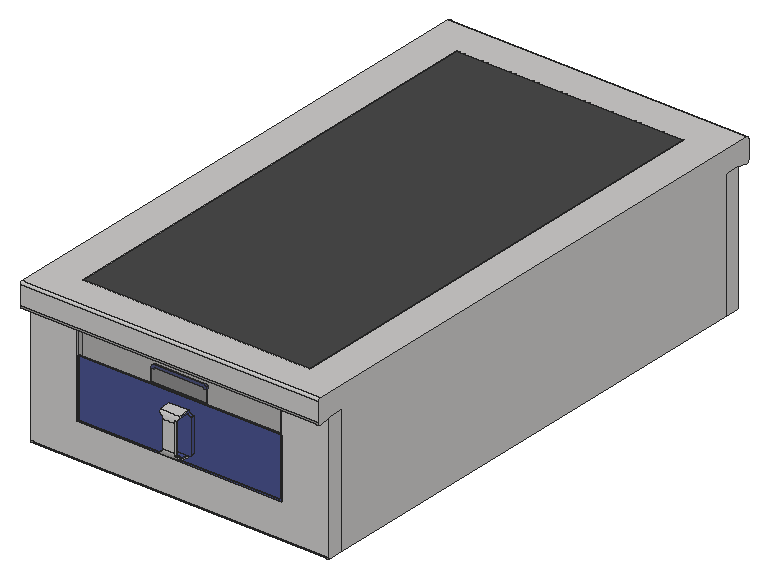
Revit family "QF_ELECTROLUXPROFESSIONAL_589017_MCCBACEOAO", category Specialty Equipment, Revit 2018
Family settings
  Round Connector Dimension = Use Diameter
  Part Type = Normal
  Work Plane-Based = No
  Always vertical = Yes
  Cut with Voids When Loaded = No
  Shared = No
  Room Calculation Point = No
Parameters
  Weight in Pounds = 55.1
  Watts = 8000 VA  # 8000 W
  Volts = 400 V  # constant formula
  URL Cutsheet = ""
  Type Mark [instance] = ""
  Status [instance] = ""
  Specification by User [instance] = ""
  Specification by Manufacturer = ""
  Serial Number = ""
  Seismic Rating = ""
  SMACNA No = ""
  Revision Code [instance] = ""
  Phase = 3  # constant formula
  Omniclass Number and Title = ""
  Number of Poles [instance] = 1
  NAFEM Spec ID Number = ""
  Model = "589017"
  Min Ckt Ampacity = 0 A
  Max Overcurrent Protection = 0 A
  Masterspec = ""
  Manufacturer = "ELECTROLUX"
  Item Number [instance] = ""
  Installed By [instance] = ""
  Identify Quantity as Lot [instance] = yes
  HP = "10.7 HP"
  Furnished By [instance] = ""
  Foodservice Equipment Identifier [instance] = yes
  FL Amps [instance] = if(Phase = 3, Watts / (Volts * 1.73), Watts / Volts)  # 11.5607 A
  Electrical Remarks = "400 V/3N ph/50/60 Hz"  # constant formula
  Electric Connection Type [instance] = ""
  Elec Conn RI Height [instance] = 0 mm
  Elec Conn Connection Height [instance] = 0 mm
  Direct Waste Size = 0"
  Description = "INFRARED TOP,2 ZONES,2-SIDE,500X900X250H"
  Cycle [instance] = if([60 Hertz Option], 60 Hz, 50 Hz)  # 60 Hz
  Conn Plug = ""
  Conn Conduit = yes
  CSI MasterFormat = ""
  CSI Master Format = ""
  Apparent Power [instance] = if(Phase = 3, Volts * FL Amps * 1.73, Volts * FL Amps)  # 8000 VA
  60 Hertz Option [instance] = not([50 Hertz Option])  # yes
  500 Pass Though Panel = yes
  50 Hertz Option [instance] = no
Reference planes
  plane 1 "BACK": y = 0
  plane 2: z = 0
  plane 3 "LEFT": x = 0
  plane 4 "RIGHT": x = 500
  plane 5 "FRONT": y = -900
  plane 6 "TOP": z = 250
  plane 7: x = 250
  plane 8: y = -450
  plane 9: x = 455
Forms (mm)
  Extrusion 1, solid, material "QF_Finishes_Stainless Steel"
    sketch origin (0, -487.128, 0) x (0, 1, 0) y (0, 0, 1)
      loop
        line (483.128, 250) -> (-408.872, 250)
        arc (-408.872, 250) -> (-411.7, 248.828) -> (-412.872, 246) r 4
        line (-412.872, 246) -> (-412.872, 214)
        arc (-412.872, 214) -> (-411.443, 210.936) -> (-408.177, 210.061) r 4
        line (-408.177, 210.061) -> (-391.509, 213) -> (-366.872, 213) -> (-366.872, 0) -> (441.128, 0) -> (441.128, 213) -> (465.765, 213) -> (482.433, 210.061)
        arc (482.433, 210.061) -> (485.699, 210.936) -> (487.128, 214) r 4
        line (487.128, 214) -> (487.128, 246)
        arc (487.128, 246) -> (485.956, 248.828) -> (483.128, 250) r 4
    from 0 to 500
  Extrusion 2, void
    sketch origin (653.786, 44.048, 250) x (1, 0, 0) y (0, -1, 0)
      loop
        line (-593.786, 104.048) -> (-213.786, 104.048) -> (-213.786, 887.779) -> (-593.786, 887.779) -> (-593.786, 104.048)
    from 0 to 37
  Extrusion 3, solid, material "QF_Finishes_Stainless Steel"
    sketch origin (0, -854, 0) x (1, 0, 0) y (0, -1, 0)
      loop
        circle (455, -169) r 6.35
    from 0 to 3.2
  Extrusion 4, solid, material "QF_Finishes_Black"
    sketch origin (653.786, 44.048, 213) x (1, 0, 0) y (0, 1, 0)
      loop
        line (-593.786, -887.779) -> (-213.786, -887.779) -> (-213.786, -104.048) -> (-593.786, -104.048) -> (-593.786, -887.779)
    from 0 to 37
Cuts and joins
  Extrusion 2 cuts Extrusion 1
Lines and regions (mm)
  symbolic lines
    curve 1: line (0, 0, 0) -> (500, 0, 0)
    curve 2: line (0, -900, 0) -> (0, 0, 0)
    curve 3: line (500, -900, 0) -> (0, -900, 0)
    curve 4: line (500, 0, 0) -> (500, -900, 0)
    curve 5: line (440, -843.73, 0) -> (440, -60, 0)
    curve 6: line (440, -60, 0) -> (60, -60, 0)
    curve 7: line (60, -60, 0) -> (60, -843.73, 0)
    curve 8: line (60, -843.73, 0) -> (440, -843.73, 0)
    curve 9: line (233.892, -902.326, 0) -> (233.892, -900, 0)
    curve 10: spline (239.561, -903.73, 0) -> (239.082, -903.657, 0) -> (238.604, -903.575, 0) -> (238.127, -903.486, 0) -> (237.651, -903.389, 0) -> (237.177, -903.283, 0) -> (236.703, -903.17, 0) -> (236.231, -903.049, 0) -> (235.76, -902.92, 0) -> (235.29, -902.783, 0) -> (234.823, -902.638, 0) -> (234.357, -902.486, 0) -> (233.892, -902.326, 0)
    curve 11: line (266.108, -902.326, 0) -> (266.108, -900, 0)
    curve 12: spline (266.108, -902.326, 0) -> (265.643, -902.486, 0) -> (265.177, -902.638, 0) -> (264.71, -902.783, 0) -> (264.24, -902.92, 0) -> (263.769, -903.049, 0) -> (263.297, -903.17, 0) -> (262.823, -903.283, 0) -> (262.349, -903.389, 0) -> (261.873, -903.486, 0) -> (261.396, -903.575, 0) -> (260.918, -903.657, 0) -> (260.439, -903.73, 0)
    curve 13: line (239.561, -903.73, 0) -> (260.439, -903.73, 0)
    curve 14: line (233.892, 2.326, 0) -> (233.892, 0, 0)
    curve 15: spline (239.561, 3.73, 0) -> (239.082, 3.657, 0) -> (238.604, 3.575, 0) -> (238.127, 3.486, 0) -> (237.651, 3.389, 0) -> (237.177, 3.283, 0) -> (236.703, 3.17, 0) -> (236.231, 3.049, 0) -> (235.76, 2.92, 0) -> (235.29, 2.783, 0) -> (234.823, 2.638, 0) -> (234.357, 2.486, 0) -> (233.892, 2.326, 0)
    curve 16: line (266.108, 2.326, 0) -> (266.108, 0, 0)
    curve 17: spline (266.108, 2.326, 0) -> (265.643, 2.486, 0) -> (265.177, 2.638, 0) -> (264.71, 2.783, 0) -> (264.24, 2.92, 0) -> (263.769, 3.049, 0) -> (263.297, 3.17, 0) -> (262.823, 3.283, 0) -> (262.349, 3.389, 0) -> (261.873, 3.486, 0) -> (261.396, 3.575, 0) -> (260.918, 3.657, 0) -> (260.439, 3.73, 0)
    curve 18: line (239.561, 3.73, 0) -> (260.439, 3.73, 0)
Dimensions and locks
  plane 3 "LEFT" to plane 4 "RIGHT" = 500 mm
  plane 5 "FRONT" to plane 1 "BACK" = 900 mm
  equal spacing: plane 3 "LEFT", plane 7, plane 4 "RIGHT"
  equal spacing: plane 5 "FRONT", plane 8, plane 1 "BACK"
  plane 6 "TOP" to level = 250 mm  (x2)
  plane 1 "BACK" to plane 5 "FRONT" = 900 mm
  Extrusion 3 sketch curve to plane 1 "BACK" = 685 mm
  Extrusion 3 sketch curve to plane 4 "RIGHT" = 45 mm
  plane 9 to plane 4 "RIGHT" = 45 mm
  plane 1 "BACK" to Extrusion 3 = 685 mm
  aligned and locked: level to plane 2
  aligned and locked: cut or joined group of Extrusion 1, Extrusion 2 to plane 4 "RIGHT"
  aligned and locked: plane 7 to nested 1
Automatic sketch dimensions
  Extrusion 1 sketch curve to plane 5 "FRONT" = 0 mm
  Extrusion 1 sketch curve to plane 6 "TOP" = 0 mm
  Extrusion 1 sketch curve to level = 0 mm
  Extrusion 1 sketch curve to plane 1 "BACK" = 0 mm
  Extrusion 1 sketch curve to plane 6 "TOP" = 37 mm  (x2)
  Extrusion 1 sketch curve to plane 5 "FRONT" = 4 mm
  Extrusion 1 sketch curve to plane 5 "FRONT" = 21.363 mm
  Extrusion 1 sketch curve to plane 5 "FRONT" = 46 mm
  plane 1 "BACK" to Extrusion 1 sketch curve = 21.363 mm
  plane 1 "BACK" to Extrusion 1 sketch curve = 4 mm  (x2)
  Extrusion 1 sketch curve to Extrusion 1 sketch curve = 4 mm
  Extrusion 1 sketch curve to Extrusion 1 sketch curve = 0.695 mm
  Extrusion 1 sketch curve to Extrusion 1 sketch curve = 0 mm  (x4)
  plane 1 "BACK" to Extrusion 1 sketch curve = 4.695 mm
  Extrusion 1 sketch curve to Extrusion 1 sketch curve = 1 mm  (x2)
  plane 1 "BACK" to Extrusion 1 sketch curve = 46 mm
  plane 1 "BACK" to curve 1 = 0 mm
  curve 1 to plane 4 "RIGHT" = 0 mm
  curve 1 to plane 3 "LEFT" = 0 mm
  plane 5 "FRONT" to curve 2 = 0 mm
  plane 4 "RIGHT" to curve 5 = 60 mm
  curve 16 to plane 1 "BACK" = 2.326 mm
  plane 7 to curve 16 = 16.108 mm
  plane 5 "FRONT" to curve 11 = 2.326 mm
  plane 7 to curve 11 = 16.108 mm
  plane 5 "FRONT" to curve 13 = 3.73 mm
  curve 11 to curve 13 = 5.669 mm
  curve 18 to plane 1 "BACK" = 3.73 mm
  curve 16 to curve 18 = 5.669 mm
  curve 18 to plane 7 = 10.439 mm
  curve 13 to plane 7 = 10.439 mm
  plane 5 "FRONT" to curve 9 = 2.326 mm
  curve 10 to curve 9 = 5.669 mm
  curve 14 to plane 1 "BACK" = 2.326 mm
  curve 18 to curve 14 = 5.669 mm
  plane 3 "LEFT" to curve 6 = 60 mm
  plane 7 to curve 17 = 6.269 mm
  plane 5 "FRONT" to curve 12 = 4.032 mm
  curve 12 to curve 12 = 4.17 mm
  curve 10 to plane 7 = 6.269 mm
  curve 15 to plane 7 = 6.269 mm
  plane 1 "BACK" to curve 5 = 60 mm
  curve 5 to plane 5 "FRONT" = 56.27 mm
  curve 17 to plane 1 "BACK" = 4.032 mm
  curve 15 to plane 1 "BACK" = 4.032 mm
  curve 10 to curve 12 = 0 mm
  Extrusion 1 to Extrusion 2 sketch curve = 60 mm  (x2)
  Extrusion 1 to Extrusion 2 sketch curve = 52.27 mm
  Extrusion 1 to Extrusion 2 sketch curve = 56 mm
  Extrusion 4 sketch curve to Extrusion 2 = 0 mm  (x3)
  Extrusion 2 to Extrusion 4 sketch curve = 0 mm
  radius of Extrusion 3 sketch curve = 6.35 mm
Nested families
  nested 1: "IDT_900_500 Panel Single Centered" at (250, -854, -651.71), visible <- "500 Pass Though Panel", type "IDT_900_500 Panel Single Centered"
  nested 2: "IDT_900_500 Panel Single Centered" at (250, -46, -651.71), visible <- "500 Pass Though Panel", type "IDT_900_500 Panel Single Centered"
Connectors
  electrical at (455, -685, -3.2), driven by "Volts", driven by "Watts"
    settings: on Extrusion 3, index 1, voltage 400 V, apparent load 8000 VA, apparent load phase1 0 VA, apparent load phase2 0 VA, apparent load phase3 0 VA, power factor 1, load classification "Other", number of poles 1, system type 30, power factor state 1, is connector primary yes, connector utility no, sub classification motor no, connector description "ELECTRICAL CONNECTION"
Definition of nested family "IDT_900_500 Panel Single Centered"
  Reference planes
    plane 1 "Center (Front/Back)": y = 0
    plane 2: z = 0
    plane 3 "Center (Left/Right)": x = 0
  Forms (mm)
    Extrusion 1, solid
      sketch origin (833.217, 829.203, -1.25) x (0, 1, 0) y (0, 0, 1)
        loop
          arc (-854.203, 655.96) -> (-853.324, 653.839) -> (-851.203, 652.96) r 3
          line (-851.203, 652.96) -> (-829.203, 652.96) -> (-829.203, 865.96) -> (-854.203, 865.96) -> (-854.203, 655.96)
      from -1083.217 to -583.217
    Extrusion 2, void
      sketch origin (33.217, 829.203, 0.636) x (1, 0, 0) y (0, 0, 1)
        loop
          line (-205.217, 852.364) -> (-205.217, 710.364) -> (138.783, 710.364) -> (138.783, 852.364) -> (-205.217, 852.364)
      from 843.409 to 854.203
  Cuts and joins
    Extrusion 2 cuts Extrusion 1
  Dimensions and locks
    cut or joined group of Extrusion 1, Extrusion 2 to cut or joined group of Extrusion 1, Extrusion 2 = 500 mm  (x2)
    equal spacing: cut or joined group of Extrusion 1, Extrusion 2, nested 1, cut or joined group of Extrusion 1, Extrusion 2
    cut or joined group of Extrusion 1, Extrusion 2 to cut or joined group of Extrusion 1, Extrusion 2 = 213 mm
    aligned and locked: nested 1 to cut or joined group of Extrusion 1, Extrusion 2
  Automatic sketch dimensions
    Extrusion 1 sketch curve to plane 1 "Center (Front/Back)" = 0 mm
    plane 1 "Center (Front/Back)" to Extrusion 1 sketch curve = 22 mm
    Extrusion 1 sketch curve to Extrusion 1 sketch curve = 3 mm
    level to Extrusion 1 sketch curve = 651.71 mm
    Extrusion 1 sketch curve to Extrusion 1 sketch curve = 210 mm
    Extrusion 2 sketch curve to plane 3 "Center (Left/Right)" = 172 mm
    plane 3 "Center (Left/Right)" to Extrusion 2 sketch curve = 172 mm
    level to Extrusion 2 sketch curve = 711 mm
    Extrusion 2 sketch curve to Extrusion 2 sketch curve = 142 mm
  Nested families
    nested 1: "glass conrol panel One Right Side" at (0, 279.791, 1.886), type "glass conrol panel One Right Side"
    nested 2: "Range Control Handle" at (0, -27.043, -209.113), type "Range Control Handle"
  Definition of nested family "glass conrol panel One Right Side"
    Reference planes
      plane 1 "Center (Front/Back)": y = 0
      plane 2: z = 0
      plane 3 "Center (Left/Right)": x = 0
    Forms (mm)
      Extrusion 1, solid
        sketch origin (378.286, 0, 0.617) x (1, 0, 0) y (0, 0, 1)
          loop
            line (-550.286, 806.791) -> (-550.286, 708.497) -> (-206.286, 708.497) -> (-206.286, 806.791) -> (-550.286, 806.791)
        from 300.031 to 304.8
      Extrusion 2, solid
        sketch origin (378.286, 0, 0.617) x (1, 0, 0) y (0, 0, 1)
          loop
            line (-550.286, 850.497) -> (-550.286, 806.791) -> (-206.286, 806.791) -> (-206.286, 850.497) -> (-550.286, 850.497)
        from 300.031 to 304.8
      Extrusion 3, solid
        sketch origin (308.333, 1.101, -0.633) x (1, 0, 0) y (0, 0, 1)
          loop
            line (-261.431, 812.62) -> (-261.431, 834.177) -> (-266.24, 834.177) -> (-268.039, 835.977) -> (-348.469, 835.977) -> (-350.269, 834.177) -> (-355.186, 834.177) -> (-355.186, 812.62) -> (-261.431, 812.62)
        from 304.798 to 306.745
      Extrusion 4, solid
        sketch origin (308.333, 1.101, -0.633) x (1, 0, 0) y (0, 0, 1)
          loop
            line (-350.269, 834.177) -> (-348.469, 835.977) -> (-268.039, 835.977) -> (-266.24, 834.177) -> (-261.529, 834.177)
            arc (-261.529, 834.177) -> (-262.706, 838.752) -> (-266.98, 840.763) r 5.549
            line (-266.98, 840.763) -> (-349.686, 840.763)
            arc (-349.686, 840.763) -> (-353.942, 838.747) -> (-355.078, 834.177) r 5.5
            line (-355.078, 834.177) -> (-350.269, 834.177)
        from 304.798 to 306.745
      Extrusion 5, void
        sketch origin (378.286, 0, 0.617) x (1, 0, 0) y (0, 0, 1)
          loop
            line (-547.628, 847.565) -> (-547.628, 710.699) -> (-209.196, 710.699) -> (-209.196, 847.565) -> (-547.628, 847.565)
        from 303.697 to 304.8
    Cuts and joins
      Extrusion 5 cuts Extrusion 2
      Extrusion 5 cuts Extrusion 1
    Dimensions and locks
      aligned and locked: Extrusion 1 to Extrusion 2
      aligned and locked: Extrusion 4 sketch curve to Extrusion 3  (x4)
      aligned and locked: Extrusion 3 to Extrusion 4 sketch curve
      aligned and locked: Extrusion 4 to Extrusion 3
  Definition of nested family "Range Control Handle"
    Reference planes
      plane 1 "Center (Front/Back)": y = 0
      plane 2: z = 0
      plane 3 "Center (Left/Right)": x = 0
      plane 4: z = 971.092
    Forms (mm)
      Extrusion 1, solid
        sketch origin (-746.28, 380.497, 208.931) x (-1, 0, 0) y (0, 0, 1)
          loop
            line (-770.101, 786.798) -> (-770.101, 731.649)
            arc (-770.101, 731.649) -> (-769.759, 730.563) -> (-768.855, 729.87) r 1.893
            line (-768.855, 729.87) -> (-763.474, 727.911) -> (-729.81, 727.911) -> (-724.428, 729.87)
            arc (-724.428, 729.87) -> (-723.525, 730.563) -> (-723.183, 731.649) r 1.893
            line (-723.183, 731.649) -> (-723.183, 786.798)
            arc (-723.183, 786.798) -> (-723.529, 787.894) -> (-724.44, 788.593) r 1.91
            line (-724.44, 788.593) -> (-729.683, 790.819) -> (-763.601, 790.819) -> (-768.844, 788.593)
            arc (-768.844, 788.593) -> (-769.755, 787.894) -> (-770.101, 786.798) r 1.91
        from -382.35 to -378.852
      Sweep 2, solid
        path origin (-746.788, 380.496, 208.091) x (0, -1, 0) y (0, 0, 1)
          loop
            line (379.775, 793.281) -> (395.661, 791.048)
            arc (395.661, 791.048) -> (397.781, 787.377) -> (398.517, 783.202) r 12.207
            line (398.517, 783.202) -> (398.517, 737.368)
            arc (398.517, 737.368) -> (397.781, 733.193) -> (395.661, 729.522) r 12.207
            line (395.661, 729.522) -> (379.775, 727.289)
        profile origin (-746.788, -7.222, 1000.256) x (0, -0.139173, 0.990268) y (-1, 0, 0)
          loop
            line (0.782, -763.123) -> (0.782, -730.907) -> (-1.322, -730.907) -> (-1.322, -763.123) -> (0.782, -763.123)
      Sweep 3, solid
        path origin (-746.788, 380.715, 207.832) x (0, -1, 0) y (0, 0, 1)
          loop
            line (380.478, 795.442) -> (397.218, 793.09)
            arc (397.218, 793.09) -> (399.929, 788.473) -> (400.871, 783.202) r 15.207
            line (400.871, 783.202) -> (400.871, 737.584)
            arc (400.871, 737.584) -> (399.914, 732.274) -> (397.164, 727.633) r 15.207
            line (397.164, 727.633) -> (380.601, 725.305)
        profile origin (-746.788, -8.132, 1002.099) x (0, -0.139173, 0.990268) y (-1, 0, 0)
          loop
            line (0.782, -763.123) -> (0.782, -730.907) -> (-1.322, -730.907) -> (-1.322, -763.123) -> (0.782, -763.123)
      Extrusion 4, void
        sketch origin (889.253, 220.666, 207.993) x (1, 0, 0) y (0, 0, 1)
          loop
            line (-943.038, 816.854) -> (-943.038, 703.686) -> (-899.466, 734.196) -> (-899.466, 786.344) -> (-943.038, 816.854)
        from 230.636 to 242.25
      Extrusion 5, void
        sketch origin (-888.8, 220.666, 207.993) x (-1, 0, 0) y (0, 0, -1)
          loop
            line (-943.038, -816.854) -> (-899.466, -786.344) -> (-899.466, -734.196) -> (-943.038, -703.686) -> (-943.038, -816.854)
        from 230.636 to 242.25
      Extrusion 6, solid
        sketch origin (0, 0, 0) x (1, 0, 0) y (0, 0, 1)
          loop
            circle (0, 971.092) r 7.736
        from -3.137 to -1.645
    Cuts and joins
      Extrusion 4, Extrusion 5 cuts Sweep 3
      Extrusion 4, Extrusion 5 cuts Sweep 2
      joined: Extrusion 1, Extrusion 6
    Lines and regions (mm)
      symbolic lines
        curve 1: line (23.821, 1.645, 0) -> (-23.097, 1.645, 0)
        curve 2: line (16.334, -1.853, 0) -> (23.821, -1.853, 0)
        curve 3: line (-15.881, -19.189, 0) -> (-15.881, -1.853, 0)
        curve 4: line (-23.097, -1.853, 0) -> (-15.881, -1.853, 0)
        curve 5: line (16.334, -19.189, 0) -> (16.334, -1.853, 0)
        curve 6: spline (-15.881, -19.189, 0) -> (-15.417, -19.349, 0) -> (-14.951, -19.501, 0) -> (-14.483, -19.646, 0) -> (-14.014, -19.783, 0) -> (-13.543, -19.912, 0) -> (-13.071, -20.033, 0) -> (-12.597, -20.146, 0) -> (-12.122, -20.251, 0) -> (-11.646, -20.349, 0) -> (-11.169, -20.438, 0) -> (-10.691, -20.52, 0) -> (-10.213, -20.593, 0)
        curve 7: spline (10.666, -20.593, 0) -> (11.144, -20.52, 0) -> (11.622, -20.438, 0) -> (12.099, -20.349, 0) -> (12.575, -20.251, 0) -> (13.05, -20.146, 0) -> (13.524, -20.033, 0) -> (13.996, -19.912, 0) -> (14.467, -19.783, 0) -> (14.936, -19.646, 0) -> (15.404, -19.501, 0) -> (15.87, -19.349, 0) -> (16.334, -19.189, 0)
        curve 8: line (-10.213, -20.938, 0) -> (10.716, -20.938, 0)
        curve 9: line (-23.097, 1.645, 0) -> (-23.097, -1.853, 0)
        curve 10: line (23.821, 1.645, 0) -> (23.821, -1.853, 0)
